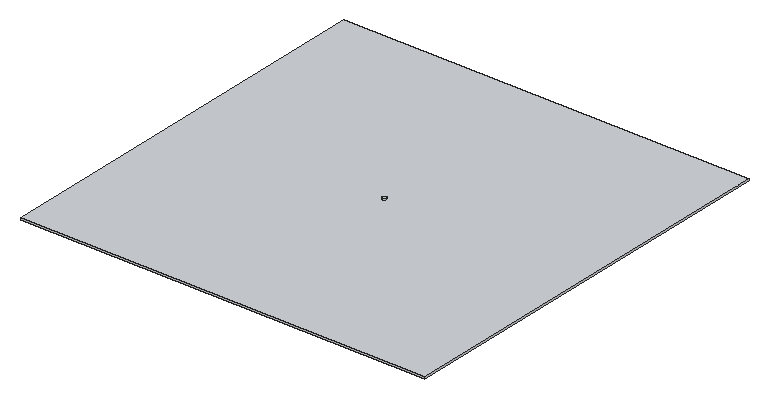
Revit family "GPC-ANFU", category Plumbing Equipment, host Face, Revit 2025
Family settings
  Host = Face
  Round Connector Dimension = Use Radius
  Classification = None
  Part Type = Normal
  OmniClass Number = 23.45.05.21.11.11
  OmniClass Title = Water Operated Water Closets
  Cut with Voids When Loaded = No
  Maintain Annotation Orientation = No
  Shared = No
  Room Calculation Point = No
Parameters (values of type "6 UDG")
  WFU = CWFU  # 6
  HWFU = 0
  Flow Pressure [instance] = 25.00 psi
  Cold Water Diameter [instance] = Cold Water Radius * 2  # 1"
  Cold Water Radius [instance] = 1/2"
  Pipe Material = none
  Default Elevation = 1' - 5"
  CWFU = 6
  Assembly Code = ""
Types (12): name | WFU | CWFU
  6 UDG | 6 | 6
  10 UDG | 10 | 10
  3 UDG | 3 | 3
  4.5 UDG | 4.5 | 4.5
  5 UDG | 5 | 5
  2 UDG | 2 | 2
  1 UDG | 1 | 1
  1.5 UDG | 1.5 | 1.5
  Public - 1.6 gpf | 10 | 10
  Private - 1.6 gpf | 6 | 6
  Private - Flushing Greater than 1.6 gpf | 6 | 6
  Public - Flushing Greater than 1.6 gpf | 10 | 10
Reference planes (in)
  plane 1 "Center (Front/Back)": y = 0
  plane 2: z = 0
  plane 3 "Center (Left/Right)": x = 0
Forms (in)
  Extrusion 1, solid
    sketch origin (0, 0, 0) x (1, 0, 0) y (0, 1, 0)
      loop
        line (-48, 48) -> (-48, -48) -> (48, -48) -> (48, 48) -> (-48, 48)
    from 0 to -0.39453
  Extrusion 2, solid, material <- "Pipe Material"
    sketch origin (15.94107, -25.42564, 0) x (0, 1, 0) y (-1, 0, 0)
      loop
        circle (25.42564, 15.94107) r 0.5
    from 0.11719 to 0
Lines and regions (in)
  reference lines
    curve 1: line (2.5, -7.75857, 0) -> (-2.5, -7.75857, 0)
    curve 2: line (0, -12.25857, 0) -> (0, 2.24143, 0)
Dimensions and locks (in)
  plane 1 "Center (Front/Back)" to Extrusion 2 = 0' - 0"
  "Cold Water Radius": radius of Extrusion 2 sketch curve
  aligned and locked: plane 2 to Extrusion 1
  aligned and locked: level to Extrusion 1
Automatic sketch dimensions
  Extrusion 1 sketch curve to Extrusion 1 sketch curve = 8' - 0"  (x2)
  curve 2 to plane 3 "Center (Left/Right)" = 0' - 0"
  plane 1 "Center (Front/Back)" to curve 2 = 1' - 0.25857"
  curve 1 to plane 3 "Center (Left/Right)" = 0' - 2 1/2"
  curve 2 to curve 1 = 0' - 4 1/2"
  curve 2 to plane 1 "Center (Front/Back)" = 0' - 2.24143"
  plane 3 "Center (Left/Right)" to curve 1 = 0' - 2 1/2"
  plane 1 "Center (Front/Back)" to Extrusion 2 sketch curve = 0' - 0"
  Extrusion 2 sketch curve to plane 3 "Center (Left/Right)" = 0' - 0"
Connectors (in)
  piping at (0, 0, 0), diameter 1, driven by "CWFU", driven by "Cold Water Radius", driven by "Flow Pressure"
    settings: on Extrusion 2, index 1, connector inside diameter 1", connector length 0' - 0", flow factor 0, pipe flow 0 GPM, pressure drop 25.00 psi, fitting loss kfactor 0, connector angle 0.00°, fixture units 6, engagement length 0' - 0", angle of deflection 0.00°, flow configuration 3, flow direction 2, fitting loss method 4, system type 16, joint type 0, gender type 0, connector reference index -1, connector utility 0, adjustable connector no, is connector primary yes, connector description "In"
